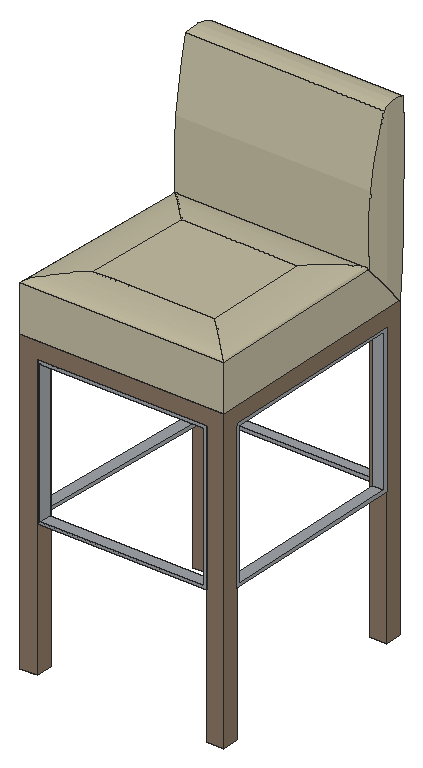
Revit family
Parameters
  URL = "http://www.martinbrattrud.com"
  Frame [instance] = none
  SCS Certified Product = "Yes"
  Model = "Urbeyn 1020-03"
  Manufacturer = "Martin Brattrud, Inc."
  Leg [instance] = none
  Keynote = "125000"
  Foot [instance] = none
  Copyright = "© 2013 Martin Brattrud, Inc."
  Chair [instance] = none
  Authoring Version = "Revit Architecture 2010"
  Assembly Code = "E2020200"
Reference planes (in)
  plane 1 "Center Front/Back": y = 0
  plane 2: z = 0
  plane 3 "Center Left/Right": x = 0
Forms (in)
  Extrusion 1, solid, material <- "Frame"
    sketch origin (0, 0, 15.01306) x (-1, 0, 0) y (0, -1, 0)
      loop
        line (-7.0479, -9.84343) -> (7.0479, -9.84343) -> (7.0479, -8.34509) -> (8.5479, -8.34509) -> (8.96354, 8.69605) -> (7.46354, 8.69605) -> (7.46354, 10.19605) -> (-7.46354, 10.19605) -> (-7.46354, 8.69605) -> (-8.96354, 8.69605) -> (-8.5479, -8.34509) -> (-7.0479, -8.34509) -> (-7.0479, -9.84343)
    from -2.76306 to 10.23694
  Extrusion 2, void
    sketch origin (0, 0, 15.01306) x (-1, 0, 0) y (0, -1, 0)
      loop
        line (-6.7979, -11) -> (6.7979, -11) -> (6.7979, -8.09751) -> (9.75, -8.09751) -> (9.75, 8.44605) -> (7.21354, 8.44605) -> (7.21354, 10.87528) -> (-7.21354, 10.87528) -> (-7.21354, 8.44605) -> (-9.75, 8.44605) -> (-9.75, -8.09751) -> (-6.7979, -8.09751) -> (-6.7979, -11)
    from -2.51306 to 9.98694
  Extrusion 3, void
    sketch origin (0, 0, 15.01306) x (-1, 0, 0) y (0, -1, 0)
      loop
        line (7.97574, 9.19605) -> (-7.97548, 9.19605) -> (-7.53545, -8.84509) -> (7.53571, -8.84509) -> (7.97574, 9.19605)
    from -3.14306 to 10.98694
  Extrusion 4, solid, material <- "Leg"
    sketch origin (0, 0, 15.01306) x (-1, 0, 0) y (0, -1, 0)
      loop
        circle (7.78125, -9.09375) r 0.375
      loop
        circle (8.21875, 9.46875) r 0.375
      loop
        circle (-7.78125, -9.09375) r 0.375
      loop
        circle (-8.21875, 9.46875) r 0.375
    from -15.01306 to -14.76306
  Extrusion 5, solid, material <- "Leg"
    sketch origin (0, 0, 0) x (1, 0, 0) y (0, 1, 0)
      loop
        line (8.5111, 9.84343) -> (-8.51136, 9.84343) -> (-9.00013, -10.19605) -> (8.99987, -10.19605) -> (8.5111, 9.84343)
    from 0.25 to 26.75
  Extrusion 6, void
    sketch origin (0, 0, 0) x (1, 0, 0) y (0, 1, 0)
      loop
        line (-7.46354, -10.83222) -> (7.46354, -10.83222) -> (7.46354, -8.69605) -> (10.4375, -8.69605) -> (10.4375, 8.34509) -> (7.0479, 8.34509) -> (7.0479, 10.66778) -> (-7.0479, 10.66778) -> (-7.0479, 8.34509) -> (-10.4375, 8.34509) -> (-10.4375, -8.69605) -> (-7.46354, -8.69605) -> (-7.46354, -10.83222)
    from 0.25 to 25.25
  Extrusion 7, void
    sketch origin (0, 0, 0) x (0, 1, 0) y (0, 0, 1)
      loop
        line (10.43866, 26.06527) -> (10.43866, 31.7602) -> (5.48813, 31.7602) -> (10.43866, 26.06527)
    from -10 to 10
  Sweep 8, solid
    path origin (0, 0, 15.01306) x (-1, 0, 0) y (0, -1, 0)
      loop
        line (9.00013, 10.19605) -> (-8.99987, 10.19605) -> (-8.59591, -6.36628) -> (8.59617, -6.36628) -> (9.00013, 10.19605)
    profile origin (-0.00013, -10.19605, 15.01306) x (0, 1, 0) y (0, 0, 1)
      loop
        line (0.03125, 15.73694) -> (4.5, 15.73694) -> (4.5, 16.38759) -> (3.53125, 16.38759)
        spline (3.53125, 16.38759) -> (3.07441, 16.38202) -> (2.62538, 16.36542) -> (2.19186, 16.33806) -> (1.78125, 16.30042) -> (1.40058, 16.25314) -> (1.05638, 16.19702) -> (0.75451, 16.13303) -> (0.50016, 16.06227) -> (0.29767, 15.98593) -> (0.15051, 15.90534) -> (0.06119, 15.82187) -> (0.03125, 15.73694)
  Extrusion 9, solid
    sketch origin (0, 0, 15.01306) x (-1, 0, 0) y (0, -1, 0)
      loop
        line (4.38903, 5.69605) -> (-4.38878, 5.69605) -> (-4.20433, -1.86628) -> (4.20459, -1.86628) -> (4.38903, 5.69605)
    from 15.73694 to 16.38759
  Extrusion 10, solid, material <- "Chair"
    sketch origin (0, 0, 0) x (1, 0, 0) y (0, 1, 0)
      loop
        line (-8.51136, 9.84343) -> (-9.00013, -10.19605) -> (8.99987, -10.19605) -> (8.5111, 9.84343) -> (-8.51136, 9.84343)
    from 26.75 to 30.75
  Extrusion 11, solid, material <- "Chair"
    sketch origin (0, 0, 0) x (0, 1, 0) y (0, 0, 1)
      loop
        arc (10.30395, 42.75) -> (9.05396, 42.98976) -> (7.80397, 42.75) r 3.37831
        arc (7.80397, 42.75) -> (6.56421, 36.81241) -> (6.36628, 30.75) r 35.06405
        line (6.36628, 30.75) -> (9.84343, 26.75)
        arc (9.84343, 26.75) -> (10.29617, 34.7436) -> (10.30395, 42.75) r 144.00416
    from -9 to 9
  Extrusion 12, void
    sketch origin (0, 0, 0) x (1, 0, 0) y (0, 1, 0)
      loop
        line (9.2021, 10.53013) -> (8.40884, 10.53013)
        arc (8.40884, 10.53013) -> (8.7116, 8.28685) -> (8.51856, 6.03147) r 10.33159
        line (8.51856, 6.03147) -> (9.2021, 6.03147) -> (9.2021, 10.53013)
      loop
        line (-9.2021, 10.53013) -> (-9.2021, 6.03147) -> (-8.51856, 6.03147)
        arc (-8.51856, 6.03147) -> (-8.7116, 8.28685) -> (-8.40884, 10.53013) r 10.33159
        line (-8.40884, 10.53013) -> (-9.2021, 10.53013)
    from 26.28344 to 45.74777
Cuts and joins
  Extrusion 2, Extrusion 3 cuts Extrusion 1
  Extrusion 6 cuts Extrusion 5
  Extrusion 7 cuts Extrusion 10
  Extrusion 12 cuts Extrusion 11
  joined: Sweep 8, Extrusion 9
